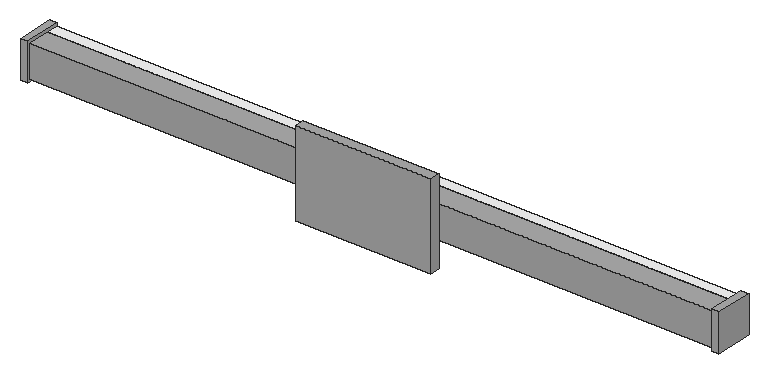
Revit family "Vector Vanity_BlackJack", category Lighting Fixtures, host Wall, Revit 2018
Family settings
  Host = Wall
  Round Connector Dimension = Use Diameter
  Part Type = Normal
  OmniClass Number = 23.80.70.00
  OmniClass Title = Lighting
  Always vertical = Yes
  Cut with Voids When Loaded = No
  Light Source = Yes
  Shared = No
  Room Calculation Point = No
Parameters (values of type "VEC-36V-SN-27U-50K")
  Wattage = 12.1178 W
  built-in parameter 1150110 = 1 (stored number, unit not read)
  Voltage = 277 V
  URL = "Blackjacklighting.com"
  built-in parameter 1114217 = 1 (stored number, unit not read)
  Tilt Angle = 0.00°
  built-in parameter 1150109 = 1 (stored number, unit not read)
  built-in parameter 1150134 = 2
  built-in parameter 1150113 = 1 (stored number, unit not read)
  Photometric Web File = "VEC-36V-XX_IESNA_0122.IES"
  Phone = "(847) 941-0588"
  Number Of Pole = 1
  Model = "VEC-36V-SN-27U-50K"
  Manufacturer = "BLACKJACK® LIGHTING"  # constant formula
  Lumens = 1800 lm
  built-in parameter 1150115 = 1 (stored number, unit not read)
  built-in parameter 1150105 = 442.72 (stored number, unit not read)
  built-in parameter 1150137 = (empty or 0)
  built-in parameter 1150139 = (empty or 0)
  Light Length = 36.00"
  Light Glass = Glass Light
  Light Body = SN Satin Nickel
  built-in parameter 1150112 = 1 (stored number, unit not read)
  built-in parameter 1150114 = 1 (stored number, unit not read)
  built-in parameter 1150132 = (empty or 0)
  built-in parameter 1150102 = (empty or 0)
  built-in parameter 1150138 = (empty or 0)
  built-in parameter 1150107 = 5000 (stored number, unit not read)
  built-in parameter 1150106 = 4.4272 (stored number, unit not read)
  Fax = "(847) 306-3432\r\n(847) 306-3432"
  Emit from Line Length = 24.00"
  built-in parameter 1150104 = 13.8 (stored number, unit not read)
  EMAIL = "sales@blackjacklighting.com"
  Dimming Lamp Color Temperature Shift = <None>
  Copyright = "© Blackjacklighting"  # constant formula
  Color Filter = 16777215
  built-in parameter 1114216 [instance] = 1 (stored number, unit not read)
  built-in parameter 1114218 = 1 (stored number, unit not read)
  built-in parameter 1150133 = 10 (stored number, unit not read)
  Apparent Load = 0 VA
Types (21): name | Voltage | built-in parameter 1150134 | Photometric Web File | Model | Light Length | built-in parameter 1150107
  (no name) | 277 V | 2 | "VEC-36V-XX_IESNA_0122.IES" | "VEC-36V-SN-27U-50K" | 36.00" | 5000 (stored number, unit not read)
  VEC-24V-SN-12T-27K | 120 V | (empty or 0) | "VEC-24V-XX-IESNA_0122.IES" | "VEC-24V-SN-12T-27K" | 24.00" | 2700 (stored number, unit not read)
  VEC-24V-SN-12T-30K | 120 V | (empty or 0) | "VEC-24V-XX-IESNA_0122.IES" | "VEC-24V-SN-12T-30K" | 24.00" | 3000 (stored number, unit not read)
  VEC-24V-SN-12T-35K | 120 V | (empty or 0) | "VEC-24V-XX-IESNA_0122.IES" | "VEC-24V-SN-12T-35K" | 24.00" | 3500 (stored number, unit not read)
  VEC-24V-SN-12T-40K | 120 V | 12 | "VEC-24V-XX-IESNA_0122.IES" | "VEC-24V-SN-12T-40K" | 24.00" | 4000 (stored number, unit not read)
  VEC-24V-SN-12T-50K | 120 V | 2 | "VEC-24V-XX-IESNA_0122.IES" | "VEC-24V-SN-12T-50K" | 24.00" | 5000 (stored number, unit not read)
  VEC-24V-SN-27U-27K | 277 V | (empty or 0) | "VEC-24V-XX-IESNA_0122.IES" | "VEC-24V-SN-27U-27K" | 24.00" | 2700 (stored number, unit not read)
  VEC-24V-SN-27U-30K | 277 V | (empty or 0) | "VEC-24V-XX-IESNA_0122.IES" | "VEC-24V-SN-27U-30K" | 24.00" | 3000 (stored number, unit not read)
  VEC-24V-SN-27U-35K | 277 V | (empty or 0) | "VEC-24V-XX-IESNA_0122.IES" | "VEC-24V-SN-27U-35K" | 24.00" | 3500 (stored number, unit not read)
  VEC-24V-SN-27U-40K | 277 V | 12 | "VEC-24V-XX-IESNA_0122.IES" | "VEC-24V-SN-27U-40K" | 24.00" | 4000 (stored number, unit not read)
  VEC-24V-SN-27U-50K | 277 V | 2 | "VEC-24V-XX-IESNA_0122.IES" | "VEC-24V-SN-27U-50K" | 24.00" | 5000 (stored number, unit not read)
  VEC-36V-SN-12T-30K | 120 V | (empty or 0) | "VEC-36V-XX_IESNA_0122.IES" | "VEC-36V-SN-12T-30K" | 36.00" | 3000 (stored number, unit not read)
  VEC-36V-SN-12T-27K | 120 V | (empty or 0) | "VEC-36V-XX_IESNA_0122.IES" | "VEC-36V-SN-12T-27K" | 36.00" | 2700 (stored number, unit not read)
  VEC-36V-SN-12T-35K | 120 V | (empty or 0) | "VEC-36V-XX_IESNA_0122.IES" | "VEC-36V-SN-12T-35K" | 36.00" | 3500 (stored number, unit not read)
  VEC-36V-SN-12T-40K | 120 V | 12 | "VEC-36V-XX_IESNA_0122.IES" | "VEC-36V-SN-12T-40K" | 36.00" | 4000 (stored number, unit not read)
  VEC-36V-SN-12T-50K | 120 V | 2 | "VEC-36V-XX_IESNA_0122.IES" | "VEC-36V-SN-12T-50K" | 36.00" | 5000 (stored number, unit not read)
  VEC-36V-SN-27U-27K | 277 V | (empty or 0) | "VEC-36V-XX_IESNA_0122.IES" | "VEC-36V-SN-27U-27K" | 36.00" | 2700 (stored number, unit not read)
  VEC-36V-SN-27U-30K | 277 V | (empty or 0) | "VEC-36V-XX_IESNA_0122.IES" | "VEC-36V-SN-27U-30K" | 36.00" | 3000 (stored number, unit not read)
  VEC-36V-SN-27U-35K | 277 V | (empty or 0) | "VEC-36V-XX_IESNA_0122.IES" | "VEC-36V-SN-27U-35K" | 36.00" | 3500 (stored number, unit not read)
  VEC-36V-SN-27U-40K | 277 V | 12 | "VEC-36V-XX_IESNA_0122.IES" | "VEC-36V-SN-27U-40K" | 36.00" | 4000 (stored number, unit not read)
  VEC-36V-SN-27U-50K | 277 V | 2 | "VEC-36V-XX_IESNA_0122.IES" | "VEC-36V-SN-27U-50K" | 36.00" | 5000 (stored number, unit not read)
Reference planes (in)
  plane 1: y = 0
  plane 2 "Light Source Axis (F/B)": y = 6.875
  plane 3 "Light Source Axis (L/R)": x = -1.43133
  plane 4 "Light Source Elevation": z = 0
  plane 5: x = 2.06867
  plane 6: x = -4.93133
  plane 7: z = 2.2
  plane 8: z = -2.2
  plane 9: x = 16.18867
  plane 10: x = 16.56867
  plane 11: x = -19.05133
  plane 12: x = -19.43133
  plane 13: y = 3.5
  plane 14: y = 3.4
  plane 15: y = 5.3
  plane 16: z = 0.95
  plane 17: z = -0.95
  plane 18: z = 0.85
  plane 19: y = 5.2
  plane 20: z = -0.85
  plane 21: y = 4.65
  plane 22: y = 4.01353
Forms (in)
  Extrusion 1, solid, material "SN Satin Nickel" <- "Light Body"
    sketch origin (0, 6.875, 0) x (1, 0, 0) y (0, 0, 1)
      loop
        line (2.06867, 2.2) -> (-4.93133, 2.2) -> (-4.93133, -2.2) -> (2.06867, -2.2) -> (2.06867, 2.2)
    from 3.375 to 3.875
  Extrusion 2, solid, material "Glass Light" <- "Light Glass"
    sketch origin (-1.43133, 0, 0) x (0, -1, 0) y (0, 0, 1)
      loop
        line (-5.2, 0.85) -> (-5.2, -0.85) -> (-4.01353, -0.85) -> (-4.01353, 0) -> (-4.65, 0) -> (-4.65, 0.85) -> (-5.2, 0.85)
    from -17.62 to 17.62
  Extrusion 3, solid, material "SN Satin Nickel" <- "Light Body"
    sketch origin (-1.43133, 0, 0) x (0, -1, 0) y (0, 0, 1)
      loop
        line (-3.5, 0.85) -> (-4.65, 0.85) -> (-4.65, 0) -> (-4.01353, 0) -> (-4.01353, -0.85) -> (-3.5, -0.85) -> (-3.5, 0.85)
    from -17.62 to 17.62
  Extrusion 4, solid, material "SN Satin Nickel" <- "Light Body"
    sketch origin (-1.43133, 0, 0) x (0, -1, 0) y (0, 0, 1)
      loop
        line (-3.4, 0.95) -> (-5.3, 0.95) -> (-5.3, -0.95) -> (-3.4, -0.95) -> (-3.4, 0.95)
    from 17.62 to 18
  Extrusion 5, solid, material "SN Satin Nickel" <- "Light Body"
    sketch origin (-1.43133, 0, 0) x (0, -1, 0) y (0, 0, 1)
      loop
        line (-3.4, 0.95) -> (-5.3, 0.95) -> (-5.3, -0.95) -> (-3.4, -0.95) -> (-3.4, 0.95)
    from -18 to -17.62
Text (in)
  text "Placement Side" at (0, 40.15149, 123.01588), in view "Right"
  text "Placement Side" at (-70.3804, 28.46503, 0), in view "Ref. Level"
  text "Placement Side" at (0, 85.69064, 140.59947), in view "Left"
Dimensions and locks (in)
  plane 8 to plane 4 "Light Source Elevation" to plane 7 = 2.20" locked, 2.20" locked
  plane 6 to plane 3 "Light Source Axis (L/R)" to plane 5 = 3.50" locked, 3.50" locked
  locked: plane 9 to plane 10 at 0.38
  locked: plane 11 to plane 12 at 0.38
  equal spacing: plane 10, plane 3 "Light Source Axis (L/R)", plane 12
  "Light Length": plane 10 to plane 12
  locked: plane 13 to host wall at 0.5
  locked: plane 15 to plane 14 at 1.9
  locked: plane 13 to plane 14 at 0.1
  plane 14 to plane 15 = 1.90"
  plane 17 to plane 4 "Light Source Elevation" to plane 16 = 0.95" locked, 0.95" locked
  locked: plane 18 to plane 16 at 0.1
  locked: plane 17 to plane 20 at 0.1
  locked: plane 19 to plane 15 at 0.1
  plane 14 to plane 21 = 1.25"
  locked: plane 2 "Light Source Axis (F/B)" to plane 15 at 1.575
  locked: plane 13 to plane 22 at 0.51353
  locked: plane 21 to plane 15 at 0.65
  aligned: level to host wall
  aligned and locked: plane 2 "Light Source Axis (F/B)" to imposter light
  aligned and locked: plane 4 "Light Source Elevation" to imposter light
  aligned and locked: imposter light to plane 3 "Light Source Axis (L/R)"
  aligned and locked: plane 5 to Extrusion 1 sketch curve
  aligned and locked: plane 6 to Extrusion 1 sketch curve
  aligned and locked: plane 7 to Extrusion 1 sketch curve
  aligned and locked: plane 8 to Extrusion 1 sketch curve
  aligned and locked: Extrusion 1 to host wall
  aligned and locked: plane 13 to Extrusion 1
  aligned and locked: plane 18 to Extrusion 2 sketch curve
  aligned and locked: plane 19 to Extrusion 2 sketch curve
  aligned and locked: plane 20 to Extrusion 2 sketch curve
  aligned and locked: plane 21 to Extrusion 2 sketch curve
  aligned and locked: plane 13 to Extrusion 3 sketch curve
  aligned and locked: plane 20 to Extrusion 3 sketch curve
  aligned and locked: plane 18 to Extrusion 3 sketch curve
  aligned and locked: plane 21 to Extrusion 3 sketch curve
  aligned and locked: plane 14 to Extrusion 4 sketch curve
  aligned and locked: plane 16 to Extrusion 4 sketch curve
  aligned and locked: plane 15 to Extrusion 4 sketch curve
  aligned and locked: plane 17 to Extrusion 4 sketch curve
  aligned and locked: plane 14 to Extrusion 5 sketch curve
  aligned and locked: plane 16 to Extrusion 5 sketch curve
  aligned and locked: plane 17 to Extrusion 5 sketch curve
  aligned and locked: plane 15 to Extrusion 5 sketch curve
  aligned and locked: Extrusion 4 to plane 12
  aligned and locked: plane 11 to Extrusion 4
  aligned and locked: Extrusion 5 to plane 10
  aligned and locked: plane 9 to Extrusion 5
  aligned and locked: Extrusion 2 to plane 9
  aligned and locked: Extrusion 3 to plane 9
  aligned and locked: Extrusion 2 to plane 11
  aligned and locked: Extrusion 3 to plane 11
  aligned and locked: plane 4 "Light Source Elevation" to Extrusion 3 sketch curve
  aligned and locked: plane 22 to Extrusion 3 sketch curve
  aligned and locked: plane 22 to Extrusion 2 sketch curve
  aligned and locked: plane 4 "Light Source Elevation" to Extrusion 2 sketch curve
Automatic sketch dimensions
  Extrusion 1 sketch curve to plane 7 = 0.00"
Connectors (in)
  electrical at (-1.43133, 3, 0), driven by "Number Of Pole", driven by "Voltage", driven by "Apparent Load"
    settings: on Extrusion 1, index 1, voltage 277 V, apparent load 0 VA, apparent load phase1 0 VA, apparent load phase2 0 VA, apparent load phase3 0 VA, power factor 1, load classification "Other", number of poles 1, system type 30, power factor state 1, is connector primary yes, connector utility no, sub classification motor no, connector description ""
